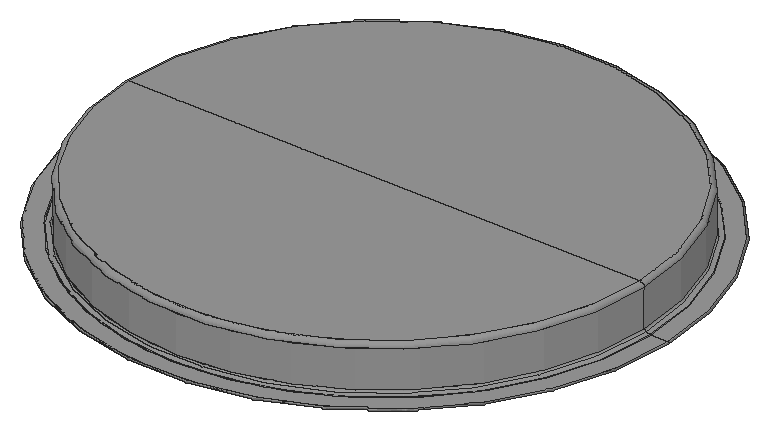
Revit family "MIA13_63_UN_Downlighter_ETK", category Lighting Fixtures, Revit 2017 (continued)
Definition of nested family "MIA.13 - Lightsource"
  Parameters (values of type "MIA.1310.15 - Ø240 / 18W / 1800lm / 3000K")
       90.9915 \r\n86.1005 80.9829 75.67 70.3414 64.966 59.575 54.1761 48.7694 \r\n43.3784 38.1358 33.4948 28.8538 24.1113 19.3062 14.6105 \r\n10.4461 6.6411 3.7425 2.8987 2.8362 2.7737 \r\n345.652 346.9724 346.7615 346.0974 344.9019 343.48 342.5268 \r\n342.2064 342.0111 341.9095 341.9408 341.972 340.9251 \r\n339.6828 338.0186 335.7997 333.2839 331.0337 329.3226 \r\n327.674 326.3927 325.502 324.5332 322.7283 320.6813 318.228 \r\n315.2434 312.0009 308.8601 305.9536 303.0471 300.6719 \r\n298.5389 296.3357 293.7495 290.9993 288.0381 284.7644 \r\n281.3267 277.6076 273.2479 268.8804 265.2082 261.7626 \r\n258.4733 255.4184 252.5041 249.1757 244.9879 240.6204 \r\n235.9637 230.8227 225.6895 221.1032 216.6966 212.5166 \r\n208.6726 205.0473 201.1642 196.3982 191.64 186.5146 \r\n181.1313 175.7481 170.6618 165.7083 160.8094 155.9809 \r\n151.1759 146.2614 140.972 135.6825 130.4321 125.1973 \r\n119.8844 114.2746 108.4772 102.7971 97.3826 92.0775 86.8896 \r\n82.0298 77.1779 71.8181 66.2317 60.661 55.2153 49.8789 \r\n44.5504 39.2531 33.9636 29.0882 24.6894 20.361 15.8684 \r\n11.2978 6.7193 2.133 0 0 0 \r\n345.652 344.9176 345.3629 345.9489 346.1286 345.8005 \r\n345.1988 344.23 342.5971 340.9876 339.6359 338.4874 \r\n337.4326 336.9873 336.7138 336.0966 335.0496 333.737 \r\n332.0416 329.5336 327.0255 324.2831 321.4626 318.9312 \r\n317.2748 316.0091 314.5011 312.626 310.5633 308.1256 \r\n304.977 301.8361 298.1014 294.1949 290.6399 287.7569 \r\n285.2567 282.7018 279.9984 277.2404 274.0761 270.3649 \r\n266.6536 262.6533 258.5749 254.4183 250.1602 245.8395 \r\n241.6986 238.1124 234.5261 230.8462 227.1115 223.244 \r\n218.6733 213.7667 208.7116 203.4143 198.0389 192.9057 \r\n188.4757 184.0534 179.8891 175.8497 171.5681 166.5208 \r\n160.9501 155.3168 149.5351 143.7612 138.3233 133.6354 \r\n128.9554 123.8612 118.5874 113.2042 107.6412 101.9533 \r\n96.3825 91.2649 86.1786 80.811 75.1543 69.4664 64.1066 \r\n58.9265 53.7229 48.4804 43.2299 38.0577 33.3229 28.5882 \r\n23.7284 18.7827 13.923 9.8133 6.2505 3.4846 2.5627 2.594 \r\n2.6252 \r\n345.652 346.4568 346.5193 346.488 346.1442 345.2848 \r\n344.1519 342.9018 341.4329 340.0188 339.1671 338.9874 \r\n338.7843 338.2374 337.5889 336.5732 335.034 333.2057 \r\n331.1977 328.7288 326.2521 324.0722 322.0408 320.1031 \r\n318.5327 317.1185 315.4778 313.462 311.2353 308.6647 \r\n305.2348 301.797 298.2811 294.7262 291.4681 288.9132 \r\n286.7958 284.4363 281.5845 278.5686 275.209 271.1852 \r\n267.1693 262.708 258.0827 253.7855 250.082 246.8005 \r\n243.4409 239.8312 236.2138 232.1041 227.5803 223.0096 \r\n218.5796 214.2199 209.6648 204.7582 199.6406 194.6558 \r\n190.2649 185.8661 181.6001 177.4045 173.0682 168.0444 \r\n162.5518 156.981 151.2384 145.4411 139.7765 134.5808 \r\n129.3851 124.4785 119.7359 114.8605 109.5945 103.9847 \r\n98.3202 92.4838 86.6005 81.1079 76.1544 71.2712 66.177 \r\n60.9657 55.7387 50.4727 45.1832 39.9641 35.3153 30.6743 \r\n25.838 20.8141 15.7903 11.4384 7.6022 3.7659 0 0 0 \r\n345.652 344.3941 343.5112 342.683 342.5346 342.9409 \r\n343.4409 343.6206 343.4018 343.0815 341.9017 340.4485 \r\n338.7765 336.6591 334.4324 332.8698 331.9322 331.0649 \r\n330.1195 329.0726 328.0334 326.0723 324.0409 321.6736 \r\n318.8999 315.9544 313.1104 310.3758 307.7506 305.5395 \r\n303.719 301.8283 299.1171 296.3044 293.2651 289.9914 \r\n286.5771 282.8893 278.7718 274.7402 271.3415 268.31 \r\n265.3098 262.4111 259.5437 256.1059 252.0353 247.6912 \r\n243.1206 238.1592 233.1979 229.1507 225.3223 221.4939 \r\n217.6108 213.7198 209.4773 204.766 199.9297 194.8824 \r\n189.5304 184.1785 179.4125 174.7637 170.0914 165.3879 \r\n160.661 155.7934 150.629 145.4723 140.4016 135.4246 \r\n130.3774 124.6113 118.6421 112.876 107.3756 102.0314 \r\n96.8904 92.2181 87.5459 82.233 76.6388 71.0134 65.4192 \r\n59.8484 54.3792 49.082 43.8941 38.9249 34.4558 29.9867 \r\n25.1113 20.0953 15.2746 10.9149 6.8521 3.8362 3.0393 2.6096 \r\n2.1799 \r\n345.652 343.1909 343.1362 343.4175 343.8941 344.4488 \r\n344.6363 344.2456 343.5503 342.5033 340.6047 338.6983 \r\n337.167 335.7762 334.6277 333.9792 333.6354 332.9557 \r\n331.5493 329.9555 327.9787 325.3379 322.7049 320.0719 \r\n317.4389 315.0559 313.1182 311.4775 309.7195 307.5553 \r\n305.391 302.8127 299.9062 296.9138 293.1948 289.1085 \r\n285.3504 282.1627 279.3187 276.4591 273.537 270.6227 \r\n267.3725 263.9269 260.2703 255.9575 251.1915 246.5896 \r\n242.3392 238.2452 234.3621 231.1118 227.8616 223.9237 \r\n219.6422 215.1106 210.1883 204.9301 199.7969 195.1168 \r\n190.5149 185.9833 181.5454 177.1232 172.3728 167.435 \r\n162.3486 156.981 151.379 145.8551 140.886 135.9169 130.7915 \r\n125.5332 120.2438 114.9777 109.7117 104.5316 99.5312 \r\n94.6246 89.6008 83.8034 77.9983 72.4353 67.0365 61.7939 \r\n56.981 52.5822 48.0506 42.9877 37.7451 32.5338 27.4162 \r\n22.3142 17.4936 12.8682 8.2897 3.7112 0 0 0 \r\n345.652 345.9255 345.8239 345.6676 345.1129 343.9878 \r\n342.5736 341.2767 340.2297 339.2531 338.7999 338.8624 \r\n338.8468 338.0498 337.0263 335.6903 333.948 331.9869 \r\n329.807 327.1506 324.4863 322.8143 321.5564 320.2985 \r\n318.8452 317.3139 315.3528 312.7588 309.8914 306.7271 \r\n302.9534 299.1796 296.281 293.6636 291.1946 288.9054 \r\n286.7255 284.1472 280.7485 277.1779 273.2479 268.7632 \r\n264.2785 260.4735 256.8873 253.4104 250.0977 246.8865 \r\n243.4565 239.2999 235.1356 230.8852 226.5646 222.1814 \r\n217.3607 212.3291 207.5162 203.094 198.9452 195.1715 \r\n192.7104 190.2571 187.8037 185.3426 180.6704 172.7869 \r\n163.2315 155.1449 149.9805 144.8238 139.8078 134.909 \r\n130.0102 125.1582 120.3219 115.1809 109.6258 103.8831 \r\n98.203 92.6791 87.1552 82.2408 77.592 72.8885 67.8491 \r\n62.6533 57.4029 52.0822 46.7458 41.4876 36.3935 31.2993 \r\n26.8068 22.533 18.3217 14.173 10.0555 6.7583 5.1801 3.8597 \r\n2.5393 \r\n345.652 345.8395 345.402 344.816 343.7925 342.5502 341.6048 \r\n341.1204 340.8782 340.6516 340.4641 340.2766 339.4718 \r\n338.3936 337.1045 335.3465 333.276 331.1821 329.057 326.963 \r\n325.2207 324.2597 323.2987 321.8689 320.2438 318.2983 \r\n315.7512 312.751 309.6414 306.1411 302.6174 299.8516 \r\n297.8592 295.9528 293.6323 291.1009 288.3038 285.0223 \r\n281.397 277.6467 273.287 268.9194 265.091 261.6298 258.278 \r\n255.059 251.9337 248.5897 244.7222 240.6047 236.4482 \r\n232.1197 227.7912 223.0956 218.1733 213.3135 208.8054 \r\n204.6332 200.4922 196.4997 192.5385 188.1788 183.1706 \r\n178.0764 172.6307 166.974 161.497 156.52 151.9962 147.449 \r\n142.6361 137.8155 132.7526 127.4396 122.0642 116.4857 \r\n110.7274 105.1488 100.0156 95.2184 90.4055 85.3739 80.3344 \r\n75.1856 69.9273 64.7004 59.8015 55.2465 50.6055 45.6129 \r\n40.4485 35.3856 30.6508 25.9552 21.6736 17.7123 13.8448 \r\n9.9773 6.1099 2.2424 0 \r\n345.652 342.644 342.5815 342.894 343.2456 343.6362 343.8862 \r\n343.6675 342.894 342.0267 340.4172 338.6436 336.9326 \r\n335.3543 333.8073 332.7291 332.0884 331.3696 330.2836 \r\n328.7991 327.3146 325.0332 322.7362 320.2125 317.4389 \r\n314.5715 312.0088 309.8133 307.6334 305.5551 303.5472 \r\n301.4689 298.9218 296.3122 293.1323 289.3976 285.4442 \r\n281.5532 277.7483 274.0527 271.1774 268.6929 265.9973 \r\n262.6455 259.1218 255.2699 251.0821 246.7302 242.1283 \r\n237.1513 232.1666 228.3772 224.7988 221.0954 217.1498 \r\n213.0948 208.7507 204.0003 199.2187 194.5074 189.8742 \r\n185.241 179.9906 174.6465 169.4976 164.63 159.9031 155.3168 \r\n150.9805 146.5818 141.6126 136.1825 130.7133 125.002 \r\n119.2124 113.6183 108.2506 103.0471 98.1249 93.7964 89.4601 \r\n84.3582 78.9905 73.6386 68.4428 63.3018 58.3796 53.762 \r\n49.2226 44.6285 39.9484 35.2606 30.6274 26.002 21.6111 \r\n17.6654 13.9855 10.579 7.7272 4.9457 2.1564 \r\n345.652 343.269 342.6518 342.2533 342.4096 342.9096 \r\n343.3081 343.3393 343.0268 342.5971 341.1517 339.6437 \r\n337.8936 335.8622 333.7683 332.5104 331.9244 331.2603 \r\n330.4086 329.4085 328.3069 326.0645 323.83 321.3298 \r\n318.6186 315.845 313.1573 310.5633 308.0944 306.1099 \r\n304.3597 302.4611 300.0781 297.6404 294.5308 290.8977 \r\n287.0927 283.1862 279.1702 275.2559 272.201 269.3492 \r\n266.4271 263.3956 260.3328 256.7076 252.5666 248.2616 \r\n243.6753 238.7843 233.9011 230.182 226.4943 222.7127 \r\n218.8296 214.884 210.618 205.9458 201.2657 196.5857 191.89 \r\n187.1396 181.9048 176.6154 171.5993 166.8568 162.1767 \r\n157.3326 152.2228 147.1443 142.2924 137.5342 132.5807 \r\n127.0177 121.2985 115.7981 110.5321 105.4223 100.5938 \r\n96.2106 91.8197 86.6318 81.2954 75.9825 70.7243 65.4973 \r\n60.6297 56.2466 51.8947 47.4334 42.8627 38.2921 33.737 \r\n29.1898 24.7519 20.4469 16.2044 11.9697 7.7272 3.4925 0 \r\n345.652 344.3628 344.5191 344.8629 344.7222 344.1206 \r\n343.269 342.0502 340.2844 338.628 337.7764 337.2842 336.831 \r\n336.4638 336.12 335.2606 333.862 332.2291 330.2992 327.9475 \r\n325.5957 323.1815 320.7594 318.6499 317.0716 315.7122 \r\n314.1574 312.3603 310.3992 307.8756 304.7113 301.5548 \r\n297.7811 293.9136 290.4446 287.4756 284.7644 282.1861 \r\n279.8422 277.4045 274.2089 270.4196 266.5443 262.122 \r\n257.5436 253.301 249.457 245.7926 242.1595 238.5733 \r\n234.9793 230.9165 226.7052 222.4549 218.1733 213.8761 \r\n209.2038 204.0003 198.7108 193.7417 189.3195 184.8973 \r\n180.3344 175.7325 171.0915 166.3958 161.6611 156.6294 \r\n150.9884 145.316 139.8469 134.6355 129.4164 124.8301 \r\n120.4391 115.759 110.6571 105.3051 99.9141 94.4293 88.9444 \r\n83.4987 78.0764 72.7791 68.2866 64.1769 59.8172 55.0668 \r\n50.1524 45.316 40.7297 36.1356 32.0025 28.0803 24.1816 \r\n20.2516 16.2903 12.4619 8.9226 5.4536 1.9923 \r\n345.652 346.3786 346.5661 346.7146 347.0193 347.3865 \r\n347.4412 346.9959 346.2614 345.2067 343.2299 341.2454 \r\n339.4718 337.7842 336.3388 335.5106 335.0809 334.3542 \r\n333.0026 331.4478 329.5336 326.8068 324.0878 321.072 \r\n317.9311 315.1652 313.1495 311.6806 310.0477 307.86 \r\n305.6333 302.8127 299.4218 295.945 292.2338 288.3975 \r\n284.7176 281.3423 278.1545 275.0059 272.0681 269.1304 \r\n265.5911 261.6611 257.6061 253.3948 249.0585 244.691 \r\n240.2453 235.784 231.4321 227.5334 223.6347 219.7125 \r\n215.7903 211.6337 206.8834 201.6017 196.3122 190.968 \r\n185.6161 180.7251 176.5529 172.4666 167.8256 162.8565 \r\n157.7389 152.4103 146.8865 141.3392 135.5887 129.8383 \r\n124.6738 120.1031 115.6575 110.8602 105.7739 100.7266 \r\n95.7653 90.8587 85.8739 80.186 74.4902 69.107 63.9581 \r\n58.9421 54.1917 49.7148 45.277 41.0188 36.8466 32.5807 \r\n28.0647 23.5175 19.3218 15.384 11.704 8.5632 6.0161 3.469 \r\n0.9219 \r\n345.652 348.9491 349.0663 348.7851 348.2381 347.1287 \r\n345.6754 344.3003 343.0815 341.9252 341.1595 341.0345 \r\n340.9173 340.1828 339.2374 337.9561 336.1513 333.987 \r\n331.7525 329.2601 326.7599 324.6972 322.9627 321.2673 \r\n319.5718 317.8686 315.9934 313.8292 311.454 308.8288 \r\n305.2035 301.5704 297.9452 294.6793 291.6478 288.7335 \r\n285.9598 283.3268 280.6 277.4904 274.2558 270.6696 266.3099 \r\n261.8564 257.4185 252.9963 248.7772 245.0895 241.972 \r\n238.7608 234.9246 230.9946 226.7521 222.0955 217.3373 \r\n212.1572 206.6099 201.2735 196.5622 192.4135 188.2569 \r\n183.7722 179.2874 174.4511 169.2867 164.0284 158.9577 \r\n154.098 149.121 143.6597 137.9014 132.2603 127.1037 \r\n122.0095 117.1967 112.626 108.0241 102.9768 97.3357 91.7181 \r\n86.2489 80.8344 75.4981 70.3414 65.2238 60.5047 56.1763 \r\n51.8634 47.3474 42.5893 37.8233 33.2526 28.7054 24.4316 \r\n20.5329 16.7904 13.1651 9.6961 6.227 2.7658 0 \r\n345.652 345.4411 345.9333 346.5193 346.8787 347.0506 \r\n347.0115 346.4411 345.2379 343.9566 342.1361 340.1672 \r\n338.4796 337.292 336.245 335.3387 334.5808 333.7058 \r\n332.4557 330.7837 329.1116 326.2442 323.3378 320.4625 \r\n317.6264 314.8215 312.4697 310.6805 308.8366 306.7974 \r\n304.5941 302.2736 298.9296 295.4684 291.6947 287.6084 \r\n283.5143 279.9828 277.3264 274.6308 271.6618 268.56 \r\n265.2629 261.3251 257.2076 252.7932 248.0663 243.3237 \r\n238.878 234.8855 230.893 227.0099 223.1346 219.0718 \r\n214.6418 210.0633 205.4457 200.7813 196.0466 191.0149 \r\n185.6317 180.2485 175.4356 170.7086 166.1067 161.6611 \r\n157.2779 152.5041 146.9959 141.4798 135.9091 130.2992 \r\n124.7051 119.3531 114.0636 109.0788 104.4847 99.9922 \r\n95.1793 89.6711 84.1628 78.6468 73.1229 67.7787 62.9815 \r\n58.4343 53.887 49.3398 44.7769 40.1438 35.3934 30.6352 \r\n26.3067 22.1111 18.0483 14.1808 10.4383 7.3053 5.4145 \r\n3.6565 1.8908 \r\n345.652 347.2615 347.7615 348.0897 347.699 346.9568 \r\n345.9411 344.4332 342.6674 341.1126 340.3703 339.6281 \r\n339.1827 338.8937 338.4952 337.4561 335.9716 334.2136 \r\n331.8306 329.221 326.6818 324.3691 322.0564 320.3532 \r\n318.9468 317.4467 315.5168 313.2432 310.8446 308.0397 \r\n305.1645 301.9064 298.1327 294.2964 291.1399 288.3819 \r\n285.6239 282.8033 279.9281 276.9982 273.6229 270.2477 \r\n266.2161 261.5986 256.8638 252.426 248.2225 244.2535 \r\n240.8782 237.8545 234.698 230.5571 226.4083 221.7595 \r\n216.7357 211.5634 206.2583 200.8126 195.6247 191.3821 \r\n187.499 183.405 178.8187 174.162 169.0913 163.7159 158.3405 \r\n153.1448 148.1522 143.1206 137.7529 132.3307 127.0724 \r\n122.0486 117.0873 112.2275 107.4615 102.5471 97.242 91.5462 \r\n85.8583 80.4594 75.0527 69.7789 64.6222 59.5437 54.7387 \r\n50.2539 45.7067 40.9173 35.9637 31.0259 26.1739 21.322 \r\n17.0873 13.4229 9.9617 6.4927 3.0315 0 0 \r\n345.652 346.7693 345.8473 344.6754 344.1831 344.0816 \r\n344.0503 344.1128 344.23 344.23 343.1987 342.1439 340.5344 \r\n338.4093 336.1669 334.1042 332.1822 330.4633 329.2367 \r\n328.3069 327.2834 325.5176 323.7597 321.6111 318.9155 \r\n316.0169 313.0401 309.9852 307.0084 304.3675 302.0783 \r\n299.7812 297.3748 294.9527 292.1009 288.7413 285.1395 \r\n281.4204 277.4904 273.5761 269.7789 266.0677 262.4189 \r\n259.028 255.7153 252.3557 248.9413 245.402 241.4095 236.581 \r\n231.7525 226.7208 221.6345 216.8841 212.9385 209.3445 \r\n205.391 200.9219 196.3044 191.5071 186.4364 181.3579 \r\n175.8262 170.193 164.841 159.9656 155.3559 150.6446 \r\n145.7379 140.8001 135.7059 130.4477 125.2051 120.2203 \r\n115.3059 110.1414 104.6097 98.8984 93.2807 87.8975 82.5143 \r\n77.5217 72.7088 67.8491 62.6768 57.356 52.1213 47.0271 \r\n41.9798 36.9169 31.8072 26.7052 22.2517 18.0405 14.0792 \r\n10.6336 7.5084 5.0707 4.0784 3.3596 2.6486 \r\n345.652 344.7222 344.7613 344.941 345.2535 345.6286 \r\n345.6676 345.191 344.4566 343.4487 341.7533 340.0578 \r\n338.2764 336.456 334.8934 333.948 333.401 332.6666 331.5728 \r\n330.3461 328.6741 326.1505 323.6268 320.611 317.4154 \r\n314.4699 312.0244 309.9227 307.8756 306.063 304.2503 \r\n301.7814 298.7343 295.5856 291.9525 288.085 284.3503 \r\n280.8344 277.467 274.1777 271.2399 268.3022 264.9738 \r\n261.411 257.7389 253.8636 249.8476 245.6129 240.8938 \r\n236.0106 231.3149 227.3303 223.3378 219.3062 215.259 \r\n211.1337 206.8365 202.383 197.742 192.4135 186.9365 \r\n181.5845 176.42 171.2712 166.8255 162.794 158.5514 153.762 \r\n148.5116 143.2221 137.6045 131.9712 126.5568 121.3376 \r\n116.1653 110.9071 105.5864 100.2578 94.9059 89.5304 84.1394 \r\n78.5999 73.0682 67.8256 62.8018 57.8248 52.6916 47.41 \r\n42.183 37.1201 32.1431 27.299 22.8299 18.4077 14.1417 \r\n10.0008 5.8833 1.7736 0 0 0 \r\n345.652 344.8238 345.2457 345.8317 346.0583 345.9098 \r\n345.527 344.7066 343.1987 341.6673 339.9719 338.1827 \r\n336.6513 336.0263 335.6512 334.9793 333.9792 332.7604 \r\n331.1274 328.8069 326.4864 323.7206 320.8688 318.2671 \r\n316.1888 314.3371 312.4541 310.5477 308.5788 306.3599 \r\n303.7894 301.2188 297.4373 293.4526 289.6242 286.0458 \r\n282.5924 279.3734 276.5841 273.787 270.8258 267.7319 \r\n264.5207 260.2625 255.6997 251.129 246.5427 242.0189 \r\n237.8701 234.5886 231.3149 227.4475 223.3456 219.064 \r\n214.2824 209.2742 204.3128 199.4218 194.5621 189.7414 \r\n185.0066 180.2719 175.5528 170.8415 165.9739 160.8173 \r\n155.4887 150.2617 145.2535 140.2453 135.0262 129.4867 \r\n123.9472 118.6343 113.3995 108.2272 103.1643 98.1639 \r\n92.9604 87.1162 81.272 75.545 69.9039 64.38 59.6062 55.1996 \r\n50.5508 45.4879 40.2141 34.9168 29.5336 24.1503 19.1109 \r\n14.2355 9.8523 6.8677 4.8363 3.3596 3.1252 3.2815 3.4378 \r\n345.652 345.8708 344.8082 343.8706 343.2768 342.8237 \r\n342.7455 343.1206 343.3393 342.9643 342.1283 341.1829 \r\n339.4406 337.5967 335.5653 333.3542 331.1821 329.6117 \r\n328.9319 328.1741 326.7755 325.0801 323.2284 320.9157 \r\n318.478 315.6418 312.3916 309.1413 306.3052 304.0863 \r\n301.8673 299.75 297.6561 295.1949 292.1009 288.7413 \r\n285.0535 280.936 276.8498 273.1542 269.9352 266.724 \r\n263.6065 260.5047 257.0982 253.2854 249.246 244.9019 \r\n239.9797 235.1043 230.604 226.3927 222.2283 218.3452 \r\n214.5402 210.4461 206.0005 201.3829 196.7497 192.0853 \r\n187.4131 182.1705 176.
      7326 171.3806 166.3724 161.5126 \r\n156.8326 152.4103 147.9725 143.0659 137.2842 131.4946 \r\n125.6114 119.7047 113.8995 108.321 102.8674 97.617 92.7729 \r\n87.9366 82.8112 77.2717 71.7322 66.0911 60.411 54.9809 \r\n49.9492 45.152 40.2844 35.2059 30.1352 25.0801 20.0484 \r\n15.134 11.0477 7.3678 3.6878 0 0 0 0 \r\n345.652 347.0896 345.9958 344.5816 343.4253 342.6049 \r\n341.972 341.6517 341.8939 342.0658 341.6517 340.7532 \r\n339.7297 337.8467 335.7294 333.5495 331.2993 329.096 \r\n327.3224 326.4552 325.5879 324.1034 322.4002 320.4625 \r\n317.9076 315.0715 312.1025 308.9382 305.7895 302.9221 \r\n300.6016 298.2811 295.8591 293.4135 290.7962 287.8741 \r\n284.7801 281.2798 276.9357 272.5525 268.4975 264.8801 \r\n261.2626 257.8561 254.5121 251.0977 247.574 243.9566 \r\n240.0031 235.0496 230.1039 225.2129 220.361 215.634 \r\n211.7431 208.2428 204.3988 199.9687 195.234 190.3586 \r\n185.0379 179.7094 174.623 169.6304 164.6769 159.7859 \r\n154.9262 149.9961 144.9019 139.7453 134.448 128.8304 \r\n123.2206 117.7983 112.4619 107.0709 101.547 95.9137 90.3196 \r\n84.8348 79.3578 74.1777 69.2945 64.4503 59.1843 53.7073 \r\n48.2538 42.8393 37.4717 32.2291 27.6193 23.0096 18.3374 \r\n13.6183 9.1648 6.2505 4.4535 3.0862 2.7111 2.8049 2.8987 \r\n"
    Model = "MIA.13"
    Manufacturer = "ETK B.V."
    built-in parameter 1150105 = 143.24 (stored number, unit not read)
    Lumens = 1800 lm
    built-in parameter 1150115 = 1 (stored number, unit not read)
    built-in parameter 1150137 = (empty or 0)
    built-in parameter 1150139 = (empty or 0)
    built-in parameter 1150112 = 1 (stored number, unit not read)
    built-in parameter 1150114 = 1 (stored number, unit not read)
    Lamp = "LED"
    built-in parameter 1150132 = 2
    built-in parameter 1150102 = (empty or 0)
    built-in parameter 1150107 = 3000 (stored number, unit not read)
    built-in parameter 1150138 = (empty or 0)
    built-in parameter 1150106 = 1.4324 (stored number, unit not read)
    built-in parameter 1150104 = 13.8 (stored number, unit not read)
    Dimming Lamp Color Temperature Shift = (empty or 0)
    Description = "Light sources"
    Copyright © IVLighting = "www.ivlighting.nl"
    Color Filter = 16777215
    Bundle = "110°"
    built-in parameter 1114218 = 1 (stored number, unit not read)
    built-in parameter 1150133 = 10 (stored number, unit not read)
    Apparent Load = 18 VA
